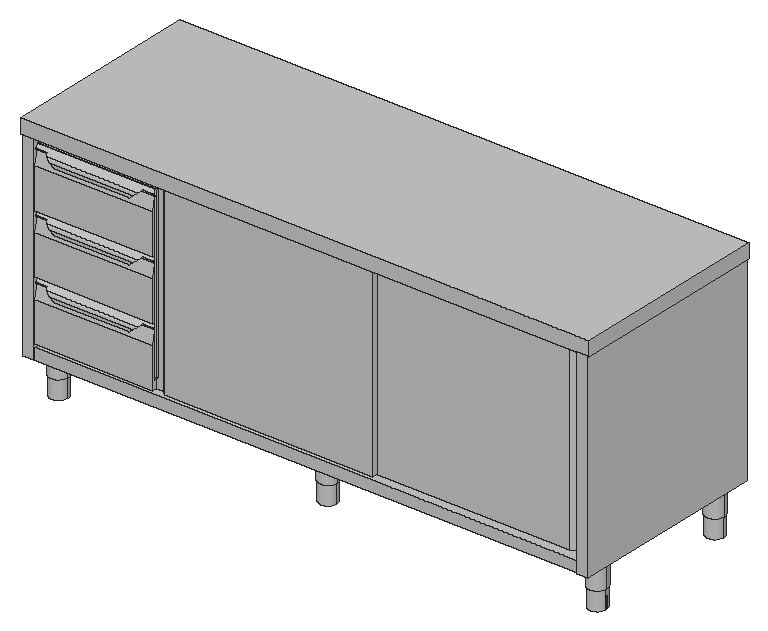
Revit family "QF_ZANUSSI_133264_MTA2000SXPN", category Attrezzature speciali, Revit 2020
Family settings
  Quota connettore circolare = Usa diametro
  Tipo di parte = Normale
  Basato su piano di lavoro = No
  Sempre verticale = Sì
  Taglio con vuoti quando caricato = No
  Condiviso = No
  Punto di calcolo locali = No
Parameters (values of type "Standard")
  Weight = 80.00 kg
  Watts = 0 W
  Volts = 0 V
  URL Manufacturer = "http://www.zanussiprofessional.com"
  URL = "http://www.zanussiprofessional.com"
  Steam Supply Size = 0 mm
  Steam Supply Minimum Pressure = 0.0 Pa
  Steam Supply Maximum Pressure = 0.0 Pa
  Steam Consumption per Hour = 0
  Refrigeration Suction Line Size = 0.0 mm
  Refrigeration Liquid Line Size = 0.0 mm
  Refrigerant Compressor Remote = yes
  Prospetto di default = 0.0 mm
  Phase = 0
  Modello = "MTA2000SXPN"
  Produttore = "Zanussi"
  Length Actual = 2000.0 mm  # constant formula
  Item Number = "133264"
  Hot Water Size = 0 mm
  Height Actual = 900.0 mm  # constant formula
  HP = "0 HP"
  Gas Size = 0 mm
  Gas KW = 0
  Gas Input Pressure = 0 W
  Direct Waste Size = 0 mm
  Descrizione = "TABLE W/3 L/H DRAWERS+2 SLIDING D.2000MM"
  Depth Actual = 700.0 mm  # constant formula
  Cycle = 0 Hz
  Condensate Return Size = 0 mm
  Compressed Air Volume = 0.0 L/s
  Compressed Air Size = 0 mm
  Compressed Air Pressure = 0.0 Pa
  Cold Water Size = 0 mm
  Accessory = yes
Reference planes
  plane 1 "Center (Front/Back)": y = 0
  plane 2: z = 0
  plane 3 "BACK": y = 350
  plane 4 "FRONT": y = -350
  plane 5 "TOP": z = 900
  plane 6: y = 270
  plane 7: y = -247
  plane 8 "FEET": z = 150
  plane 9: y = -344.5
  plane 10 "BaseTop": z = 850
  plane 11: y = 344.5
  plane 12 "Center (Left/Right)": x = -200
  plane 13: x = 9
  plane 14 "Right": x = 800
  plane 15 "Left": x = -1200
  plane 16: x = 754
  plane 17: x = -1154
  plane 18: x = 756.5
  plane 19: x = -738.5
  plane 20: x = 33.5
  plane 21: x = -15.5
  plane 22: x = 794.5
  plane 23: x = -736
  plane 24: x = -1156.5
  plane 25: x = 747
  plane 26: x = -1147
  plane 27: x = -1194.5
Forms (mm)
  Extrusion 1, solid, material "QF_Finishes_Stainless Steel"
    sketch origin (-400, 0, 150) x (1, 0, 0) y (0, 1, 0)
      loop
        line (1194.5, 350) -> (1156.5, 350) -> (1156.5, -350) -> (1194.5, -350) -> (1194.5, 350)
      loop
        line (-756.4, 350) -> (-794.5, 350) -> (-794.5, -344.5) -> (-756.4, -344.5) -> (-756.4, 350)
    from 0 to 700
  Extrusion 2, solid, material "QF_Finishes_Stainless Steel"
    sketch origin (-400, 0, 150) x (1, 0, 0) y (0, 1, 0)
      loop
        line (1156.5, 347) -> (-756.5, 347) -> (-756.5, -344.5) -> (1156.5, -344.5) -> (1156.5, 347)
    from 0 to 40
  Extrusion 3, solid, material "QF_Finishes_Stainless Steel"
    sketch origin (-433, 0, 150) x (1, 0, 0) y (0, 1, 0)
      loop
        line (417.5, -324.5) -> (1146.034, -324.5) -> (1166.034, -307.5) -> (1185, -307.5) -> (1185, -315.812) -> (1176.312, -324.5) -> (1177.942, -326.129) -> (1187, -317.071) -> (1187, -304.5) -> (417.5, -304.5) -> (417.5, -324.5)
    from 700 to 50
  Extrusion 4, void
    sketch origin (-400, -350, 0) x (1, 0, 0) y (0, 0, -1)
      loop
        line (1142.418, -247.973) -> (1156.5, -229.369) -> (1156.5, -191.4) -> (1142.418, -191.4) -> (1142.418, -247.973)
      loop
        line (1142.418, -816.627) -> (1142.418, -850) -> (1156.5, -850) -> (1156.5, -835.231) -> (1142.418, -816.627)
    from 20.5 to 40.5
  Extrusion 5, solid, material "QF_Finishes_Stainless Steel"
    sketch origin (-400, 0, 150) x (1, 0, 0) y (0, 1, 0)
      loop
        line (-756.5, 350) -> (-756.5, 327) -> (1156.5, 327) -> (1156.5, 350) -> (-756.5, 350)
    from 700 to 40
  Extrusion 6, solid, material "QF_Finishes_Stainless Steel"
    sketch origin (9, 0, 0) x (0, 1, 0) y (0, 0, -1)
      loop
        line (-350, -900) -> (350, -900) -> (350, -850) -> (-350, -850) -> (-350, -900)
    from 1209 to -791
  Extrusion 7, solid, material "QF_Finishes_Stainless Steel"
    sketch origin (447, -20, 150) x (-1, 0, 0) y (0, -1, 0)
      loop
        line (413.5, 324.5) -> (413.5, 304.5) -> (1183, 304.5) -> (1183, 319.071) -> (1175.942, 326.129) -> (1174.312, 324.5) -> (1181, 317.812) -> (1181, 309.5) -> (1164.034, 309.5) -> (1144.034, 324.5) -> (413.5, 324.5)
    from 700 to 50
  Extrusion 8, void
    sketch origin (414, -350, 0) x (-1, 0, 0) y (0, 0, 1)
      loop
        line (1140.418, 247.973) -> (1140.418, 191.4) -> (1152.5, 191.4) -> (1152.5, 229.369) -> (1140.418, 247.973)
      loop
        line (1140.418, 816.627) -> (1152.5, 835.231) -> (1152.5, 850) -> (1140.418, 850) -> (1140.418, 816.627)
    from 2.49 to 20.5
  Extrusion 9, solid, material "QF_Finishes_Stainless Steel"
    sketch origin (0, 0, 850) x (-1, 0, 0) y (0, -1, 0)
      loop
        line (-756.5, 304.5) -> (-756.5, 299.5) -> (-754, 299.5) -> (-754, 304.5) -> (-756.5, 304.5)
    from 0 to -2
Cuts and joins
  Extrusion 4 cuts Extrusion 1
  Extrusion 4 cuts Extrusion 3
  Extrusion 4 cuts Extrusion 6
  Extrusion 8 cuts Extrusion 7
Lines and regions (mm)
  symbolic lines, style "SpecialityEquipment"
    curve 1: line (-1200, 350, 850) -> (800, 350, 850)
    curve 2: line (-1200, -350, 850) -> (-1200, 350, 850)
    curve 3: line (800, -350, 850) -> (-1200, -350, 850)
    curve 4: line (800, 350, 850) -> (800, -350, 850)
    curve 10: line (-1200, 337, 850) -> (800, 337, 850)
  symbolic lines, style "SpecialityEquipmentHiddenLines"
    curve 5: line (33.5, -324.5, 200) -> (33.5, -344.5, 200)
    curve 6: line (-631.5, -344.5, 850) -> (99.034, -344.5, 850)
    curve 7: line (99.034, -344.5, 850) -> (119.034, -329.5, 850)
    curve 8: line (119.034, -329.5, 850) -> (138, -329.5, 850)
    curve 9: line (138, -329.5, 850) -> (138, -324.5, 850)
    curve 11: line (754, -304.5, 850) -> (-15.5, -304.5, 850)
    curve 12: line (-15.5, -304.5, 850) -> (-15.5, -324.5, 850)
    curve 13: line (-736, -324.5, 850) -> (713.034, -324.5, 850)
    curve 14: line (713.034, -324.5, 850) -> (733.034, -309.5, 850)
    curve 15: line (733.034, -309.5, 850) -> (754, -309.5, 850)
    curve 16: line (754, -309.5, 850) -> (754, -304.5, 850)
    curve 17: line (-697.034, -344.5, 850) -> (-717.034, -329.5, 850)
    curve 18: line (-717.034, -329.5, 850) -> (-736, -329.5, 850)
    curve 19: line (-736, -329.5, 850) -> (-736, -324.5, 850)
Dimensions and locks
  plane 3 "BACK" to plane 4 "FRONT" = 700.0 mm
  equal spacing: plane 3 "BACK", plane 1 "Center (Front/Back)", plane 4 "FRONT"
  locked: plane 8 "FEET" to level at 150
  locked: plane 3 "BACK" to plane 6 at 80
  locked: plane 7 to plane 4 "FRONT" at 103
  plane 9 to plane 4 "FRONT" = 5.5 mm  (x2)
  plane 3 "BACK" to plane 11 = 5.5 mm
  locked: plane 5 "TOP" to level at 900
  plane 20 to plane 21 = 49.0 mm
  equal spacing: plane 20, plane 13, plane 21
  locked: plane 14 "Right" to plane 22 at 5.5
  locked: plane 22 to plane 18 at 38
  locked: plane 23 to plane 19 at 2.5
  equal spacing: plane 16, plane 13, plane 23
  locked: plane 16 to plane 23 at 1490
  locked: plane 14 "Right" to plane 15 "Left" at 2000
  locked: plane 25 to plane 22 at 47.5
  locked: plane 27 to plane 15 "Left" at 5.5
  locked: plane 24 to plane 27 at 38
  locked: plane 17 to plane 24 at 2.5
  locked: plane 27 to plane 26 at 47.5
  plane 14 "Right" to plane 15 "Left" = 2000.0 mm
  locked: plane 18 to plane 16 at 2.5
  aligned and locked: level to plane 2
  aligned and locked: Extrusion 1 to plane 18
  aligned and locked: plane 18 to Extrusion 2
  aligned and locked: Extrusion 3 to plane 21
  aligned and locked: nested 4 to nested 2
  aligned and locked: plane 18 to Extrusion 5
  aligned and locked: plane 14 "Right" to Extrusion 6
  aligned and locked: Extrusion 6 to plane 15 "Left"
  aligned and locked: plane 24 to Extrusion 2 sketch curve
  aligned and locked: nested 1 to plane 25
  aligned and locked: nested 3 to nested 1
  aligned and locked: nested 2 to plane 26
  aligned and locked: nested 6 to nested 5
  aligned and locked: plane 24 to Extrusion 5
  aligned and locked: curve 5 to cut or joined group of Extrusion 7, Extrusion 8
  aligned and locked: nested 7 to plane 17
Automatic sketch dimensions
  curve 5 to plane 9 = 0.0 mm
  plane 9 to curve 5 = 20.0 mm
  Extrusion 6 sketch curve to plane 4 "FRONT" = 0.0 mm
  Extrusion 6 sketch curve to plane 3 "BACK" = 0.0 mm
  Extrusion 6 sketch curve to plane 10 "BaseTop" = 0.0 mm
  Extrusion 7 sketch curve to plane 20 = 0.0 mm
  Extrusion 7 sketch curve to plane 9 = 0.0 mm  (x2)
  Extrusion 7 sketch curve to plane 23 = 0.0 mm
  Extrusion 7 sketch curve to plane 23 = 38.966 mm
  Extrusion 7 sketch curve to plane 23 = 18.966 mm
  Extrusion 7 sketch curve to plane 23 = 8.688 mm
  Extrusion 7 sketch curve to plane 9 = 1.629 mm
  Extrusion 7 sketch curve to Extrusion 7 sketch curve = 1.629 mm
  Extrusion 7 sketch curve to plane 23 = 2.0 mm
  plane 9 to Extrusion 7 sketch curve = 15.0 mm
  Extrusion 7 sketch curve to Extrusion 7 sketch curve = 5.0 mm
  Extrusion 8 sketch curve to plane 10 "BaseTop" = 0.0 mm
  plane 19 to Extrusion 8 sketch curve = 0.0 mm  (x2)
  Extrusion 8 sketch curve to plane 23 = 9.582 mm  (x2)
  Extrusion 8 sketch curve to Extrusion 8 sketch curve = 14.769 mm
  Extrusion 8 sketch curve to Extrusion 8 sketch curve = 18.604 mm  (x2)
  plane 8 "FEET" to Extrusion 8 sketch curve = 97.973 mm
  Extrusion 8 sketch curve to Extrusion 8 sketch curve = 37.969 mm
  curve 4 to plane 3 "BACK" = 0.0 mm
  curve 4 to plane 14 "Right" = 0.0 mm
  curve 16 to plane 16 = 0.0 mm
  curve 6 to plane 9 = 0.0 mm
  curve 12 to plane 21 = 0.0 mm
  curve 17 to plane 9 = 0.0 mm
  curve 18 to plane 23 = 0.0 mm
  curve 3 to plane 4 "FRONT" = 0.0 mm
  curve 3 to plane 15 "Left" = 0.0 mm
  plane 25 to curve 14 = 13.966 mm
  curve 14 to curve 13 = 20.0 mm
  plane 9 to curve 8 = 15.0 mm
  curve 8 to plane 20 = 104.5 mm
  curve 8 to curve 8 = 18.966 mm
  curve 7 to curve 6 = 20.0 mm
  curve 18 to curve 18 = 18.966 mm
  plane 9 to curve 11 = 40.0 mm
  curve 11 to curve 16 = 5.0 mm
  plane 9 to curve 13 = 20.0 mm
  curve 13 to curve 19 = 5.0 mm
  curve 6 to curve 17 = 85.534 mm
  curve 17 to curve 17 = 20.0 mm
  curve 10 to plane 11 = 7.5 mm
  Extrusion 1 sketch curve to plane 9 = 0.0 mm
  Extrusion 1 sketch curve to plane 27 = 0.0 mm
  Extrusion 1 sketch curve to plane 3 "BACK" = 0.0 mm  (x2)
  Extrusion 1 sketch curve to plane 18 = 0.0 mm
  Extrusion 1 sketch curve to plane 4 "FRONT" = 0.0 mm
  Extrusion 1 sketch curve to plane 22 = 0.0 mm
  plane 24 to Extrusion 1 sketch curve = 0.1 mm
  Extrusion 2 sketch curve to plane 9 = 0.0 mm
  Extrusion 2 sketch curve to plane 18 = 0.0 mm
  plane 11 to Extrusion 2 sketch curve = 2.5 mm
  Extrusion 3 sketch curve to plane 21 = 0.0 mm
  Extrusion 3 sketch curve to plane 16 = 0.0 mm
  plane 25 to Extrusion 3 sketch curve = 33.966 mm
  plane 25 to Extrusion 3 sketch curve = 13.966 mm
  plane 25 to Extrusion 3 sketch curve = 3.688 mm
  plane 25 to Extrusion 3 sketch curve = 2.058 mm
  plane 16 to Extrusion 3 sketch curve = 2.0 mm
  plane 4 "FRONT" to Extrusion 3 sketch curve = 23.871 mm
  plane 9 to Extrusion 3 sketch curve = 20.0 mm
  Extrusion 3 sketch curve to Extrusion 3 sketch curve = 1.629 mm
  Extrusion 3 sketch curve to Extrusion 3 sketch curve = 8.312 mm
  Extrusion 3 sketch curve to Extrusion 3 sketch curve = 20.0 mm
  Extrusion 4 sketch curve to plane 10 "BaseTop" = 0.0 mm
  plane 18 to Extrusion 4 sketch curve = 0.0 mm  (x2)
  plane 25 to Extrusion 4 sketch curve = 4.582 mm  (x2)
  Extrusion 4 sketch curve to Extrusion 4 sketch curve = 14.769 mm
  Extrusion 4 sketch curve to Extrusion 4 sketch curve = 18.604 mm  (x2)
  plane 8 "FEET" to Extrusion 4 sketch curve = 97.973 mm
  Extrusion 4 sketch curve to Extrusion 4 sketch curve = 37.969 mm
  Extrusion 5 sketch curve to plane 3 "BACK" = 0.0 mm
  Extrusion 5 sketch curve to plane 24 = 0.0 mm
  Extrusion 5 sketch curve to plane 18 = 0.0 mm
  Extrusion 5 sketch curve to plane 11 = 17.5 mm
  Extrusion 9 sketch curve to plane 16 = 0.0 mm
  plane 18 to Extrusion 9 sketch curve = 0.0 mm
  plane 9 to Extrusion 9 sketch curve = 45.0 mm
  Extrusion 9 sketch curve to Extrusion 9 sketch curve = 5.0 mm
  Extrusion 6 sketch curve to plane 5 "TOP" = 0.0 mm
Nested families
  nested 1: "FEET_D60-150" at (747, -247, 0) x (-1, 0, 0) z (0, 0, 1), type "FEET_D60-150"
  nested 2: "FEET_D60-150" at (-1147, -247, 0) x (-1, 0, 0) z (0, 0, 1), type "FEET_D60-150"
  nested 3: "FEET_D60-150" at (747, 270, 0) x (-1, 0, 0) z (0, 0, 1), type "FEET_D60-150"
  nested 4: "FEET_D60-150" at (-1147, 270, 0) x (-1, 0, 0) z (0, 0, 1), type "FEET_D60-150"
  nested 5: "FEET_D60-150" at (-200, -247, 0) x (-1, 0, 0) z (0, 0, 1), type "FEET_D60-150"
  nested 6: "FEET_D60-150" at (-200, 270, 0) x (-1, 0, 0) z (0, 0, 1), type "FEET_D60-150"
  nested 7: "H637_600_3DRAWERS" at (-910.458, -304.5, 152) x (-1, 0, 0) z (0, -1, 0), type "H637_600_3DRAWERS"
    with Show Clearance yes
Definition of nested family "FEET_D60-150"
  Parameters
    Default Elevation = 0.0 mm
    FEET = 150.0 mm
  Reference planes
    plane 1 "Center (Front/Back)": y = 0
    plane 2: z = 0
    plane 3 "Center (Left/Right)": x = 0
    plane 4: z = 150
  Forms (mm)
    Extrusion 1, solid
      sketch origin (0, 0, 0) x (1, 0, 0) y (0, 1, 0)
        loop
          circle (0, 0) r 28
      from 0 to 67
    Revolve 2, solid
      sketch origin (0, 0, 0) x (1, 0, 0) y (0, 0, 1)
        loop
          line (0, 0) -> (0, 150) -> (-32.939, 150) -> (-32.939, 67) -> (-30, 67) -> (-30, 0) -> (0, 0)
        axis (0, 150) -> (0, 0)
      angle from 0 to 360
  Lines and regions (mm)
    symbolic lines
      curve 1: line (0, -1.503, 0) -> (0, 1.508, 0)
      curve 2: line (1.561, 0, 0) -> (-1.439, 0, 0)
  Dimensions and locks
    "FEET": plane 4 to plane 2
    aligned and locked: level to plane 2
  Automatic sketch dimensions
    plane 1 "Center (Front/Back)" to Extrusion 1 sketch curve = 0.0 mm
    Extrusion 1 sketch curve to plane 3 "Center (Left/Right)" = 0.0 mm
    plane 1 "Center (Front/Back)" to curve 2 = 0.0 mm
    curve 1 to plane 3 "Center (Left/Right)" = 0.0 mm
    curve 2 to plane 3 "Center (Left/Right)" = 1.439 mm
    plane 3 "Center (Left/Right)" to curve 2 = 1.561 mm
    plane 1 "Center (Front/Back)" to curve 1 = 1.503 mm
    curve 1 to plane 1 "Center (Front/Back)" = 1.508 mm
    Revolve 2 sketch curve to plane 4 = 0.0 mm
    Revolve 2 sketch curve to level = 0.0 mm
    Revolve 2 sketch curve to plane 3 "Center (Left/Right)" = 0.0 mm  (x2)
    Revolve 2 sketch curve to plane 3 "Center (Left/Right)" = 30.0 mm
    Revolve 2 sketch curve to plane 3 "Center (Left/Right)" = 32.939 mm
    level to Revolve 2 sketch curve = 67.0 mm
    Revolve 2 sketch curve to level = 42.207 mm
    Revolve 2 sketch curve to Revolve 2 sketch curve = 10.0 mm
    radius of Extrusion 1 sketch curve = 28.0 mm
Definition of nested family "H637_600_3DRAWERS"
  Parameters
    Width = 419.0 mm
    Show Clearance [instance] = yes
    Model = "727995"
    Height = 700.0 mm
    Default Elevation = 0.0 mm
  Reference planes
    plane 1 "Center (Front/Back)": y = 0
    plane 2: z = 0
    plane 3 "Center (Left/Right)": x = 36.042
    plane 4 "panel": z = 25
    plane 5 "Left": x = -173.458
    plane 6 "Right": x = 245.542
    plane 7: y = 700
    plane 8: z = 45
    plane 9: x = 243.542
    plane 10: x = -171.458
    plane 11: y = 676
    plane 12: y = 38
    plane 13: z = 499.734
    plane 14: y = 470
    plane 15: y = 465
    plane 16: y = 259
    plane 17: y = 254
    plane 18: y = 48
  Forms (mm)
    Extrusion 1, solid
      sketch origin (0, -919.2, 0) x (1, 0, 0) y (0, 1, 0)
        loop
          line (-980.5, 2119.2) -> (-980.5, -162.846) -> (881.94, -162.846) -> (881.94, 2119.2) -> (-980.5, 2119.2)
      from 0 to -59.546
    Extrusion 2, solid
      sketch origin (36.042, -645.693, 0) x (0, 1, 0) y (0, 0, 1)
        loop
          line (856.63, 49.734) -> (856.63, 47.734) -> (866.98, 47.734)
          arc (866.98, 47.734) -> (873.586, 46.42) -> (879.186, 42.679) r 17.261
          line (879.186, 42.679) -> (896.019, 25.845) -> (899.693, 25) -> (880.6, 44.093)
          arc (880.6, 44.093) -> (874.351, 48.268) -> (866.98, 49.734) r 19.261
          line (866.98, 49.734) -> (856.63, 49.734)
      from -207.5 to 207.5
    Extrusion 3, solid, detail levels coarse
      sketch origin (0, 0, 0) x (1, 0, 0) y (0, 0, 1)
        loop
          line (-171.458, 40) -> (243.542, 40) -> (243.542, 499.734) -> (-171.458, 499.734) -> (-171.458, 40)
      from -48 to -254
    Extrusion 4, solid
      sketch origin (36.042, -616, 0) x (0, 1, 0) y (0, 0, 1)
        loop
          line (664.4, 40) -> (664.4, 0) -> (870, 0) -> (870, 25) -> (804.797, 40) -> (664.4, 40)
      from 207.5 to -207.5
    Extrusion 5, void
      sketch origin (0, 0, 0) x (1, 0, 0) y (0, 1, 0)
        loop
          line (-99.744, 213.799) -> (-133.705, 243.322) -> (-166.458, 243.322)
          arc (-166.458, 243.322) -> (-169.994, 244.786) -> (-171.458, 248.322) r 5
          line (-171.458, 248.322) -> (-171.458, 210.937) -> (-91.403, 210.937)
          arc (-91.403, 210.937) -> (-95.762, 211.819) -> (-99.744, 213.799) r 17.035
      from 36.678 to 53.74
    Extrusion 6, void
      sketch origin (72.084, 0, 0) x (-1, 0, 0) y (0, -1, 0)
        loop
          arc (-99.744, -213.799) -> (-95.762, -211.819) -> (-91.403, -210.937) r 17.035
          line (-91.403, -210.937) -> (-171.458, -210.937) -> (-171.458, -248.322)
          arc (-171.458, -248.322) -> (-169.994, -244.786) -> (-166.458, -243.322) r 5
          line (-166.458, -243.322) -> (-133.705, -243.322) -> (-99.744, -213.799)
      from 36.678 to 53.74
    Extrusion 7, solid
      sketch origin (36.042, -434.693, 0) x (0, 1, 0) y (0, 0, 1)
        loop
          line (856.63, 49.734) -> (856.63, 47.734) -> (866.98, 47.734)
          arc (866.98, 47.734) -> (873.586, 46.42) -> (879.186, 42.679) r 17.261
          line (879.186, 42.679) -> (896.019, 25.845) -> (899.693, 25) -> (880.6, 44.093)
          arc (880.6, 44.093) -> (874.351, 48.268) -> (866.98, 49.734) r 19.261
          line (866.98, 49.734) -> (856.63, 49.734)
      from -207.5 to 207.5
    Extrusion 8, solid
      sketch origin (36.042, -405, 0) x (0, 1, 0) y (0, 0, 1)
        loop
          line (664, 40) -> (664, 0) -> (870, 0) -> (870, 25) -> (804.797, 40) -> (664, 40)
      from 207.5 to -207.5
    Extrusion 9, void
      sketch origin (0, 211, 0) x (1, 0, 0) y (0, 1, 0)
        loop
          line (-99.744, 213.799) -> (-133.705, 243.322) -> (-166.458, 243.322)
          arc (-166.458, 243.322) -> (-169.994, 244.786) -> (-171.458, 248.322) r 5
          line (-171.458, 248.322) -> (-171.458, 210.937) -> (-91.403, 210.937)
          arc (-91.403, 210.937) -> (-95.762, 211.819) -> (-99.744, 213.799) r 17.035
      from 36.678 to 53.74
    Extrusion 10, void
      sketch origin (72.084, 211, 0) x (-1, 0, 0) y (0, -1, 0)
        loop
          arc (-99.744, -213.799) -> (-95.762, -211.819) -> (-91.403, -210.937) r 17.035
          line (-91.403, -210.937) -> (-171.458, -210.937) -> (-171.458, -248.322)
          arc (-171.458, -248.322) -> (-169.994, -244.786) -> (-166.458, -243.322) r 5
          line (-166.458, -243.322) -> (-133.705, -243.322) -> (-99.744, -213.799)
      from 36.678 to 53.74
    Extrusion 11, solid
      sketch origin (36.042, -223.693, 0) x (0, 1, 0) y (0, 0, 1)
        loop
          line (856.63, 49.734) -> (856.63, 47.734) -> (866.98, 47.734)
          arc (866.98, 47.734) -> (873.586, 46.42) -> (879.186, 42.679) r 17.261
          line (879.186, 42.679) -> (896.019, 25.845) -> (899.693, 25) -> (880.6, 44.093)
          arc (880.6, 44.093) -> (874.351, 48.268) -> (866.98, 49.734) r 19.261
          line (866.98, 49.734) -> (856.63, 49.734)
      from -207.5 to 207.5
    Extrusion 12, solid
      sketch origin (36.042, -194, 0) x (0, 1, 0) y (0, 0, 1)
        loop
          line (664, 40) -> (664, 0) -> (870, 0) -> (870, 25) -> (804.797, 40) -> (664, 40)
      from 207.5 to -207.5
    Extrusion 13, void
      sketch origin (0, 422, 0) x (1, 0, 0) y (0, 1, 0)
        loop
          line (-99.744, 213.799) -> (-133.705, 243.322) -> (-166.458, 243.322)
          arc (-166.458, 243.322) -> (-169.994, 244.786) -> (-171.458, 248.322) r 5
          line (-171.458, 248.322) -> (-171.458, 210.937) -> (-91.403, 210.937)
          arc (-91.403, 210.937) -> (-95.762, 211.819) -> (-99.744, 213.799) r 17.035
      from 36.678 to 53.74
    Extrusion 14, void
      sketch origin (72.084, 422, 0) x (-1, 0, 0) y (0, -1, 0)
        loop
          arc (-99.744, -213.799) -> (-95.762, -211.819) -> (-91.403, -210.937) r 17.035
          line (-91.403, -210.937) -> (-171.458, -210.937) -> (-171.458, -248.322)
          arc (-171.458, -248.322) -> (-169.994, -244.786) -> (-166.458, -243.322) r 5
          line (-166.458, -243.322) -> (-133.705, -243.322) -> (-99.744, -213.799)
      from 36.678 to 53.74
    Extrusion 15, solid, detail levels coarse
      sketch origin (0, 0, 0) x (1, 0, 0) y (0, 0, 1)
        loop
          line (-171.458, 40) -> (243.542, 40) -> (243.542, 499.734) -> (-171.458, 499.734) -> (-171.458, 40)
      from -259 to -465
    Extrusion 16, solid, detail levels coarse
      sketch origin (0, 0, 0) x (1, 0, 0) y (0, 0, 1)
        loop
          line (-171.458, 40) -> (243.542, 40) -> (243.542, 499.734) -> (-171.458, 499.734) -> (-171.458, 40)
      from -470 to -676
  Cuts and joins
    Extrusion 5, Extrusion 6, Extrusion 9, Extrusion 10 cuts Extrusion 2
    Extrusion 5 cuts Extrusion 4
    Extrusion 9, Extrusion 10, Extrusion 13, Extrusion 14 cuts Extrusion 7
    Extrusion 13, Extrusion 14 cuts Extrusion 11
  Lines and regions (mm)
    symbolic lines
      curve 1: line (243.542, 0, 179.734) -> (243.542, 0, 199.734)
      curve 2: line (212.235, 0, 49.734) -> (-171.458, 0, 49.734)
      curve 3: spline (231.959, 0, 44.389) -> (230.421, 0, 45.265) -> (228.856, 0, 46.066) -> (227.265, 0, 46.791) -> (225.651, 0, 47.437) -> (224.017, 0, 48.005) -> (222.365, 0, 48.493) -> (220.698, 0, 48.9) -> (219.019, 0, 49.226) -> (217.331, 0, 49.471) -> (215.636, 0, 49.633) -> (213.936, 0, 49.712) -> (212.236, 0, 49.71)
      curve 4: line (238.456, 0, 40) -> (231.959, 0, 44.389)
      curve 5: line (243.542, 0, 500) -> (-171.458, 0, 500)
      curve 6: line (243.542, 0, 349.734) -> (-171.458, 0, 349.734)
      curve 7: line (243.542, 0, 199.734) -> (-171.458, 0, 199.734)
      curve 8: line (243.542, 0, 480) -> (-171.458, 0, 480)
      curve 9: line (243.542, 0, 329.734) -> (-171.458, 0, 329.734)
      curve 10: line (243.542, 0, 179.734) -> (-171.458, 0, 179.734)
      curve 11: line (-156.458, 0, 49.734) -> (-156.458, 0, 179.734)
      curve 12: line (-156.458, 0, 349.734) -> (-156.458, 0, 480)
      curve 13: line (-156.458, 0, 199.734) -> (-156.458, 0, 329.734)
      curve 14: line (228.542, 0, 49.734) -> (228.542, 0, 179.734)
      curve 15: line (228.542, 0, 349.734) -> (228.542, 0, 480)
      curve 16: line (228.542, 0, 199.734) -> (228.542, 0, 329.734)
      curve 17: line (243.542, 0, 480) -> (243.542, 0, 500)
      curve 18: line (243.542, 0, 329.734) -> (243.542, 0, 349.734)
      curve 19: line (-171.458, 0, 179.734) -> (-171.458, 0, 199.734)
      curve 20: line (-171.458, 0, 480) -> (-171.458, 0, 500)
      curve 21: line (-171.458, 0, 329.734) -> (-171.458, 0, 349.734)
  Dimensions and locks
    plane 4 "panel" to level = 25.0 mm
    "Width": plane 5 "Left" to plane 6 "Right"
    equal spacing: plane 5 "Left", plane 3 "Center (Left/Right)", plane 6 "Right"
    "Height": plane 1 "Center (Front/Back)" to plane 7
    plane 9 to plane 6 "Right" = 2.0 mm
    plane 5 "Left" to plane 10 = 2.0 mm
    plane 7 to plane 11 = 24.0 mm
    plane 1 "Center (Front/Back)" to plane 12 = 38.0 mm
    plane 10 to plane 9 = 415.0 mm
    plane 11 to plane 14 = 206.0 mm
    locked: plane 14 to plane 15 at 5
    plane 15 to plane 16 = 206.0 mm
    locked: plane 16 to plane 17 at 5
    plane 17 to plane 18 = 206.0 mm  (x2)
    plane 16 to plane 17 = 5.0 mm
    plane 14 to plane 15 = 5.0 mm
    plane 16 to plane 15 = 206.0 mm
    plane 14 to plane 11 = 206.0 mm
    aligned and locked: plane 2 to Extrusion 1
    aligned and locked: level to Extrusion 1
    aligned and locked: plane 9 to Extrusion 4
    aligned and locked: plane 10 to Extrusion 4
  Automatic sketch dimensions
    Extrusion 1 sketch curve to Extrusion 1 sketch curve = 1862.44 mm
    Extrusion 1 sketch curve to Extrusion 1 sketch curve = 2282.046 mm
    Extrusion 2 sketch curve to Extrusion 2 sketch curve = 0.0 mm  (x2)
    Extrusion 2 sketch curve to plane 4 "panel" = 0.0 mm
    Extrusion 2 sketch curve to plane 17 = 0.0 mm
    plane 4 "panel" to Extrusion 2 sketch curve = 0.845 mm
    Extrusion 2 sketch curve to plane 17 = 3.674 mm
    Extrusion 2 sketch curve to plane 8 = 0.907 mm
    Extrusion 2 sketch curve to plane 17 = 19.093 mm
    Extrusion 2 sketch curve to plane 8 = 2.321 mm
    Extrusion 2 sketch curve to Extrusion 2 sketch curve = 1.414 mm
    plane 4 "panel" to Extrusion 2 sketch curve = 5.474 mm
    Extrusion 2 sketch curve to Extrusion 2 sketch curve = 12.205 mm
    Extrusion 2 sketch curve to Extrusion 2 sketch curve = 10.351 mm
    Extrusion 4 sketch curve to level = 0.0 mm
    Extrusion 4 sketch curve to plane 4 "panel" = 0.0 mm
    Extrusion 4 sketch curve to plane 17 = 0.0 mm
    Extrusion 4 sketch curve to plane 8 = 5.0 mm
    Extrusion 4 sketch curve to plane 17 = 65.203 mm
    plane 18 to Extrusion 4 sketch curve = 0.4 mm
    Extrusion 7 sketch curve to Extrusion 7 sketch curve = 0.0 mm  (x2)
    Extrusion 7 sketch curve to plane 4 "panel" = 0.0 mm
    Extrusion 7 sketch curve to plane 15 = 0.0 mm
    plane 4 "panel" to Extrusion 7 sketch curve = 0.845 mm
    Extrusion 7 sketch curve to plane 15 = 3.674 mm
    Extrusion 7 sketch curve to plane 8 = 0.907 mm
    Extrusion 7 sketch curve to plane 15 = 19.093 mm
    Extrusion 7 sketch curve to plane 8 = 2.321 mm
    Extrusion 7 sketch curve to Extrusion 7 sketch curve = 1.414 mm
    plane 4 "panel" to Extrusion 7 sketch curve = 5.474 mm
    Extrusion 7 sketch curve to Extrusion 7 sketch curve = 12.205 mm
    Extrusion 7 sketch curve to Extrusion 7 sketch curve = 10.351 mm
    Extrusion 8 sketch curve to plane 16 = 0.0 mm
    Extrusion 8 sketch curve to plane 4 "panel" = 0.0 mm
    Extrusion 8 sketch curve to plane 15 = 0.0 mm
    Extrusion 8 sketch curve to level = 0.0 mm
    Extrusion 8 sketch curve to plane 8 = 5.0 mm
    Extrusion 8 sketch curve to plane 15 = 65.203 mm
    Extrusion 11 sketch curve to Extrusion 11 sketch curve = 0.0 mm  (x2)
    Extrusion 11 sketch curve to plane 4 "panel" = 0.0 mm
    Extrusion 11 sketch curve to plane 11 = 0.0 mm
    plane 4 "panel" to Extrusion 11 sketch curve = 0.845 mm
    Extrusion 11 sketch curve to plane 11 = 3.674 mm
    Extrusion 11 sketch curve to plane 8 = 0.907 mm
    Extrusion 11 sketch curve to plane 11 = 19.093 mm
    Extrusion 11 sketch curve to plane 8 = 2.321 mm
    Extrusion 11 sketch curve to Extrusion 11 sketch curve = 1.414 mm
    plane 4 "panel" to Extrusion 11 sketch curve = 5.474 mm
    Extrusion 11 sketch curve to Extrusion 11 sketch curve = 12.205 mm
    Extrusion 11 sketch curve to Extrusion 11 sketch curve = 10.351 mm
    Extrusion 12 sketch curve to plane 14 = 0.0 mm
    Extrusion 12 sketch curve to plane 4 "panel" = 0.0 mm
    Extrusion 12 sketch curve to plane 11 = 0.0 mm
    Extrusion 12 sketch curve to level = 0.0 mm
    Extrusion 12 sketch curve to plane 8 = 5.0 mm
    Extrusion 12 sketch curve to plane 11 = 65.203 mm
    plane 10 to curve 21 = 0.0 mm
    plane 10 to curve 20 = 0.0 mm
    plane 10 to curve 2 = 0.0 mm
    plane 10 to curve 19 = 0.0 mm
    curve 6 to plane 9 = 0.0 mm
    curve 7 to plane 9 = 0.0 mm
    curve 17 to plane 9 = 0.0 mm
    curve 4 to plane 8 = 0.611 mm
    curve 4 to plane 9 = 11.583 mm
    plane 8 to curve 19 = 134.734 mm
    curve 19 to curve 19 = 20.0 mm
    curve 1 to curve 18 = 130.0 mm
    curve 9 to curve 18 = 20.0 mm
    plane 13 to curve 17 = 19.734 mm
    curve 20 to plane 13 = 0.266 mm
    plane 8 to curve 11 = 4.734 mm
    curve 11 to plane 10 = 15.0 mm
    curve 21 to curve 12 = 15.0 mm
    curve 19 to curve 13 = 15.0 mm
    curve 2 to curve 3 = 19.723 mm
    curve 2 to curve 3 = 0.0 mm
    curve 3 to level = 1.281 mm
    curve 3 to plane 6 "Right" = 32.398 mm
    curve 15 to curve 6 = 15.0 mm
    curve 14 to curve 1 = 15.0 mm
    curve 16 to curve 1 = 15.0 mm
    curve 4 to plane 9 = 5.086 mm
    curve 4 to plane 8 = 5.0 mm
    curve 3 to curve 2 = 0.025 mm
    plane 8 to curve 14 = 4.734 mm
    plane 10 to Extrusion 3 sketch curve = 0.0 mm
    Extrusion 3 sketch curve to plane 9 = 0.0 mm
    Extrusion 3 sketch curve to plane 13 = 0.0 mm
    Extrusion 3 sketch curve to plane 8 = 5.0 mm
    Extrusion 5 sketch curve to plane 10 = 0.0 mm
    Extrusion 5 sketch curve to plane 10 = 5.0 mm
    Extrusion 5 sketch curve to plane 17 = 10.678 mm
    Extrusion 5 sketch curve to Extrusion 5 sketch curve = 32.753 mm
    Extrusion 5 sketch curve to Extrusion 5 sketch curve = 33.961 mm
    Extrusion 5 sketch curve to Extrusion 5 sketch curve = 8.34 mm
    Extrusion 5 sketch curve to Extrusion 5 sketch curve = 9.511 mm
    Extrusion 5 sketch curve to plane 17 = 26.068 mm
    Extrusion 5 sketch curve to Extrusion 5 sketch curve = 14.132 mm
    Extrusion 6 sketch curve to plane 9 = 0.0 mm
    plane 9 to Extrusion 6 sketch curve = 5.0 mm
    plane 17 to Extrusion 6 sketch curve = 10.678 mm
    Extrusion 6 sketch curve to Extrusion 6 sketch curve = 32.753 mm
    Extrusion 6 sketch curve to Extrusion 6 sketch curve = 33.961 mm
    Extrusion 6 sketch curve to Extrusion 6 sketch curve = 8.34 mm
    Extrusion 6 sketch curve to Extrusion 6 sketch curve = 1.171 mm
    plane 17 to Extrusion 6 sketch curve = 26.068 mm
    Extrusion 6 sketch curve to Extrusion 6 sketch curve = 14.132 mm
    Extrusion 9 sketch curve to plane 10 = 0.0 mm
    Extrusion 9 sketch curve to plane 10 = 5.0 mm
    Extrusion 9 sketch curve to plane 15 = 10.678 mm
    Extrusion 9 sketch curve to Extrusion 9 sketch curve = 32.753 mm
    Extrusion 9 sketch curve to Extrusion 9 sketch curve = 33.961 mm
    Extrusion 9 sketch curve to Extrusion 9 sketch curve = 8.34 mm
    Extrusion 9 sketch curve to Extrusion 9 sketch curve = 9.511 mm
    Extrusion 9 sketch curve to plane 15 = 26.068 mm
    Extrusion 9 sketch curve to Extrusion 9 sketch curve = 14.132 mm
    Extrusion 10 sketch curve to plane 9 = 0.0 mm
    plane 9 to Extrusion 10 sketch curve = 5.0 mm
    plane 15 to Extrusion 10 sketch curve = 10.678 mm
    Extrusion 10 sketch curve to Extrusion 10 sketch curve = 32.753 mm
    Extrusion 10 sketch curve to Extrusion 10 sketch curve = 33.961 mm
    Extrusion 10 sketch curve to Extrusion 10 sketch curve = 8.34 mm
    Extrusion 10 sketch curve to Extrusion 10 sketch curve = 1.171 mm
    plane 15 to Extrusion 10 sketch curve = 26.068 mm
    Extrusion 10 sketch curve to Extrusion 10 sketch curve = 14.132 mm
    Extrusion 13 sketch curve to plane 10 = 0.0 mm
    Extrusion 13 sketch curve to plane 10 = 5.0 mm
    Extrusion 13 sketch curve to plane 11 = 10.678 mm
    Extrusion 13 sketch curve to Extrusion 13 sketch curve = 32.753 mm
    Extrusion 13 sketch curve to Extrusion 13 sketch curve = 33.961 mm
    Extrusion 13 sketch curve to Extrusion 13 sketch curve = 8.34 mm
    Extrusion 13 sketch curve to Extrusion 13 sketch curve = 9.511 mm
    Extrusion 13 sketch curve to plane 11 = 26.068 mm
    Extrusion 13 sketch curve to Extrusion 13 sketch curve = 14.132 mm
    Extrusion 14 sketch curve to plane 9 = 0.0 mm
    plane 9 to Extrusion 14 sketch curve = 5.0 mm
    plane 11 to Extrusion 14 sketch curve = 10.678 mm
    Extrusion 14 sketch curve to Extrusion 14 sketch curve = 32.753 mm
    Extrusion 14 sketch curve to Extrusion 14 sketch curve = 33.961 mm
    Extrusion 14 sketch curve to Extrusion 14 sketch curve = 8.34 mm
    Extrusion 14 sketch curve to Extrusion 14 sketch curve = 1.171 mm
    plane 11 to Extrusion 14 sketch curve = 26.068 mm
    Extrusion 14 sketch curve to Extrusion 14 sketch curve = 14.132 mm
    plane 10 to Extrusion 15 sketch curve = 0.0 mm
    Extrusion 15 sketch curve to plane 9 = 0.0 mm
    Extrusion 15 sketch curve to plane 8 = 5.0 mm
    plane 13 to Extrusion 15 sketch curve = 0.0 mm
    plane 10 to Extrusion 16 sketch curve = 0.0 mm
    Extrusion 16 sketch curve to plane 9 = 0.0 mm
    Extrusion 16 sketch curve to plane 8 = 5.0 mm
    plane 8 to Extrusion 16 sketch curve = 454.734 mm
